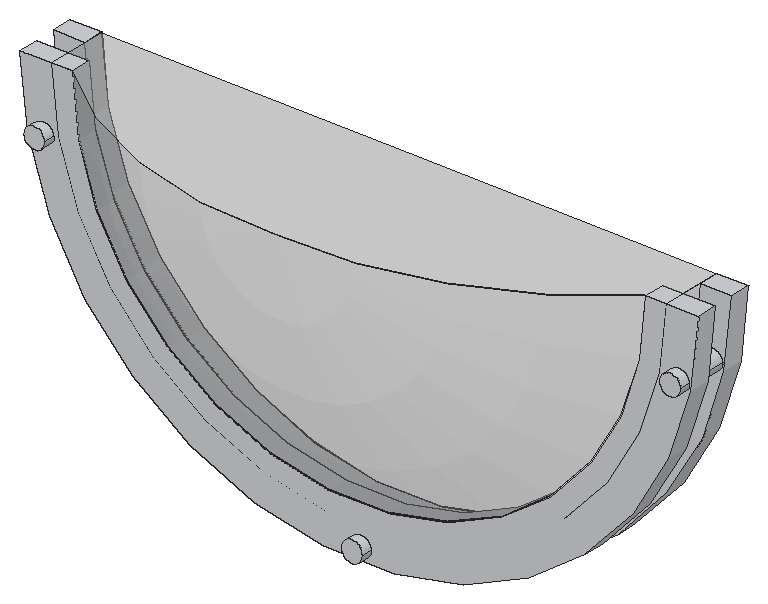
Revit family "1362", category Lighting Fixtures, Revit 2016
Family settings
  Part Type = Normal
  Round Connector Dimension = Use Diameter
  OmniClass Number = 23.80.70.00
  OmniClass Title = Lighting
  Work Plane-Based = No
  Always vertical = Yes
  Cut with Voids When Loaded = No
  Light Source = Yes
  Shared = No
  Room Calculation Point = No
Parameters
  Wattage = 12.1178 W
  built-in parameter 1150110 = 1 (stored number, unit not read)
  built-in parameter 1114217 = 1 (stored number, unit not read)
  built-in parameter 1150109 = 1 (stored number, unit not read)
  built-in parameter 1150134 = (empty or 0)
  built-in parameter 1150113 = 1 (stored number, unit not read)
  Model = "1362"
  Manufacturer = "Brownlee Lighting"
  Lumens = 1800 lm
  built-in parameter 1150115 = 1 (stored number, unit not read)
  built-in parameter 1150105 = 143.24 (stored number, unit not read)
  Light Source Symbol Size = 2' - 0"
  built-in parameter 1150137 = (empty or 0)
  built-in parameter 1150139 = (empty or 0)
  built-in parameter 1150112 = 1 (stored number, unit not read)
  built-in parameter 1150114 = 1 (stored number, unit not read)
  built-in parameter 1150132 = 2
  built-in parameter 1150102 = (empty or 0)
  built-in parameter 1150138 = (empty or 0)
  built-in parameter 1150107 = 3000 (stored number, unit not read)
  built-in parameter 1150106 = 1.4324 (stored number, unit not read)
  built-in parameter 1150104 = 13.8 (stored number, unit not read)
  Dimming Lamp Color Temperature Shift = (empty or 0)
  Color Filter = 16777215
  built-in parameter 1114218 = 1 (stored number, unit not read)
  built-in parameter 1150133 = 10 (stored number, unit not read)
Reference planes (in)
  plane 1 "Light Source Axis (F/B)": y = 0
  plane 2: z = 0
  plane 3 "Light Source Axis (L/R)": x = 0
  plane 4 "Light Source Elevation": z = 0.1077
Forms (in)
  Revolve 1, solid, material "Acrylic-Brownlee"
    sketch origin (0, 0, 0) x (1, 0, 0) y (0, 1, 0)
      loop
        line (7.375, 0) -> (0, 0) -> (0, -4.00063)
        arc (0, -4.00063) -> (3.69606, -3.46118) -> (6.875, -1.5) r 9.22222
        line (6.875, -1.5) -> (7.375, -1.5) -> (7.375, 0)
      axis (0, 0) -> (0, -4.00063)
    angle from 0 to 360
  Revolve 2, solid
    sketch origin (0, 0, 0) x (1, 0, 0) y (0, 1, 0)
      loop
        line (7.38925, 0) -> (7.38925, -0.5) -> (8.13925, -0.5) -> (8.13925, 0) -> (7.38925, 0)
      loop
        line (6.88925, -1.5) -> (8.13925, -1.5) -> (8.13925, -1) -> (6.88925, -1) -> (6.88925, -1.5)
      axis (0, 0) -> (0, -1.5)
    angle from 0 to 360
  Extrusion 3, solid
    sketch origin (-0.16864, 0, -3.44717) x (1, 0, 0) y (0, 0, 1)
      loop
        circle (-7.42722, 1.86908) r 0.25
      loop
        circle (0.19507, -4.3455) r 0.25
      loop
        circle (7.83349, 1.92501) r 0.25
    from 0 to 1.75
  Extrusion 4, void
    sketch origin (0, 0, 0) x (1, 0, 0) y (0, 0, 1)
      loop
        line (-10.05043, 8.71978) -> (-10.05043, 0) -> (11.21503, 0) -> (11.21503, 8.71978) -> (-10.05043, 8.71978)
    from 0 to 4.76804
Cuts and joins
  Extrusion 4 cuts Revolve 1
  Extrusion 4 cuts Revolve 2
Dimensions and locks (in)
  aligned and locked: plane 4 "Light Source Elevation" to imposter light
  aligned and locked: level to plane 2
